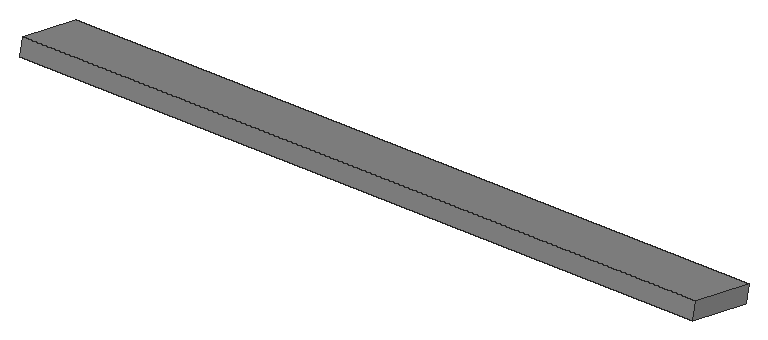
Revit family
Parameters (values of type "Tiled Cill 25mm Extension")
  Opening Width [instance] = 1210.0 mm
  Material Cill = Roofing - Slate
  Cill Height [instance] = 910.0 mm
  Cill/Lintol Length [instance] = Opening Width + 2 * (Cill Lintol Bearing)  # 1210.0 mm
  Cill Lintol Bearing = 0.0 mm
Reference planes
  plane 1 "Wall": y = -11.298
  plane 2 "Center (Left/Right)": x = 161.814
  plane 3 "Back": y = 138.702
  plane 4 "U/S Lintol": z = 910
  plane 5: x = 766.814
  plane 6: x = -443.186
  plane 7: x = 766.814
  plane 8: x = -443.186
  plane 9: y = 143.702
  plane 10: y = 41.202
Forms (mm)
  Extrusion 1, solid, material "Roofing - Slate" <- "Material Cill"
    sketch origin (161.814, 0, 2.703) x (0, 1, 0) y (0, 0, 1)
      loop
        line (53.918, 907.297) -> (47.68, 877.953) -> (165.058, 853.003) -> (171.296, 882.348) -> (53.918, 907.297)
    from -605 to 605
  Extrusion 2, void
    sketch origin (161.814, 0, 0) x (0, -1, 0) y (0, 0, 1)
      loop
        line (-138.702, 861.308) -> (-41.202, 882.033) -> (-41.202, 910) -> (-138.702, 910) -> (-138.702, 861.308)
    from -605 to 605
Text (mm)
  text "Placement side" at (-1848.837, 1116.779, 0), in view "Ref. Level"
  text "Placement side" at (0, 1409.804, 2854.306), in view "Left"
  text "Placement side" at (0, 499.811, 2980.732), in view "Right"
Dimensions and locks
  locked: plane 3 "Back" to host wall
  equal spacing: plane 5, plane 2 "Center (Left/Right)", plane 6
  "Opening Width": plane 5 to plane 6
  "Cill Lintol Bearing": plane 7 to plane 5
  "Cill Lintol Bearing": plane 6 to plane 8
  "Cill Height": level to plane 4 "U/S Lintol"
  locked: plane 3 "Back" to plane 9 at 5
  locked: plane 10 to plane 9 at 102.5
  Extrusion 1 sketch curve to Extrusion 1 sketch curve = 120.0 mm
  aligned and locked: plane 1 "Wall" to host wall
  aligned and locked: plane 3 "Back" to Extrusion 2 sketch curve
  aligned and locked: plane 10 to Extrusion 2 sketch curve
  aligned and locked: plane 4 "U/S Lintol" to Extrusion 2 sketch curve
  aligned and locked: plane 7 to Extrusion 2
  aligned and locked: Extrusion 2 to plane 8
  aligned and locked: plane 7 to Extrusion 1
  aligned and locked: Extrusion 1 to plane 8
  aligned and locked: Extrusion 2 sketch curve to Extrusion 1
Automatic sketch dimensions
  Extrusion 1 sketch curve to plane 4 "U/S Lintol" = 0.0 mm
  plane 10 to Extrusion 1 sketch curve = 6.479 mm
  Extrusion 1 sketch curve to Extrusion 1 sketch curve = 6.237 mm
  Extrusion 1 sketch curve to Extrusion 1 sketch curve = 117.378 mm
